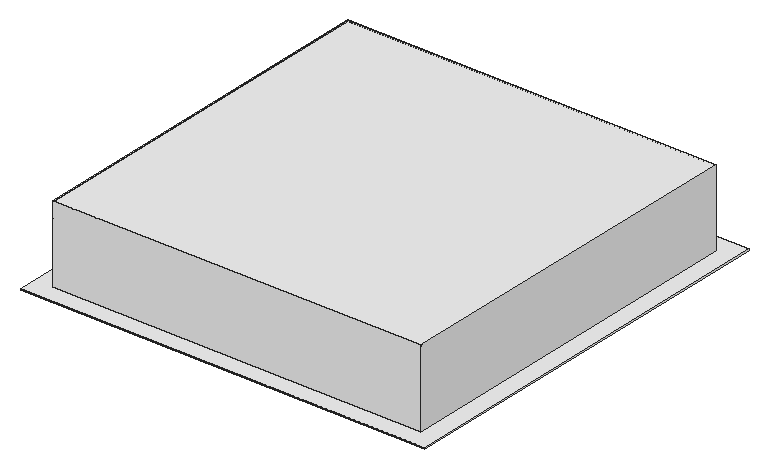
Revit family "Iluminação fluorescente - Quadrada", category Luminárias, Revit 2019
Family settings
  Hospedeiro = Forro
  Cota do conector redondo = Utilizar diâmetro
  Tipo de parte = Normal
  Número OmniClass = 23.80.70.11
  Título OmniClass = Luminaries for Internal Lighting
  Sempre na vertical = Sim
  Corte com vazios quando carregada = Sim
  Fonte luminosa = Sim
  Compartilhado = Não
  Ponto de cálculo do ambiente = Não
Parameters (values of type "618x618mm-16w")
  Largura = 618.00 mm
  Wattage = 50 W
  built-in parameter 1150110 = 1 (stored number, unit not read)
  built-in parameter 1114217 = 1 (stored number, unit not read)
  built-in parameter 1150109 = 1 (stored number, unit not read)
  built-in parameter 1150134 = (empty or 0)
  built-in parameter 1150113 = 1 (stored number, unit not read)
  Material da luminária = Metal - Alum
  Lumens = 4000 lm
  built-in parameter 1150115 = 1 (stored number, unit not read)
  built-in parameter 1150105 = 1273.2 (stored number, unit not read)
  Light Source Symbol Size = Largura - 50.00 mm  # 568.00 mm
  built-in parameter 1150137 = (empty or 0)
  built-in parameter 1150139 = (empty or 0)
  Comprimento = 618.00 mm
  built-in parameter 1150112 = 1 (stored number, unit not read)
  built-in parameter 1150114 = 1 (stored number, unit not read)
  built-in parameter 1150132 = (empty or 0)
  built-in parameter 1150102 = (empty or 0)
  built-in parameter 1150138 = (empty or 0)
  built-in parameter 1150107 = 3000 (stored number, unit not read)
  built-in parameter 1150106 = 12.732 (stored number, unit not read)
  Altura = 130.00 mm
  Largura da estrutura = 30.00 mm
  Visibilidade da moldura = yes
  Espessura da moldura = 2.00 mm
  Emit from Rectangle Width = Largura - 50.00 mm  # 568.00 mm
  Emit from Rectangle Length = Comprimento - 50.00 mm  # 568.00 mm
  Emit Shape Visible in Rendering = no
  built-in parameter 1150104 = 7.4322 (stored number, unit not read)
  Dimming Lamp Color Temperature Shift = (empty or 0)
  Color Filter = 16777215
  built-in parameter 1114218 = 1 (stored number, unit not read)
  built-in parameter 1150133 = 10 (stored number, unit not read)
Reference planes
  plane 1 "Eixo de origem da luz (F/T)": y = 0
  plane 2 "Forro": z = 2438.4
  plane 3 "Eixo de origem da luz (E/D)": x = 0
  plane 4 "Elevação da origem da luz": z = 2503.4
  plane 5: y = 309
  plane 6: y = -309
  plane 7: x = -309
  plane 8: x = 309
  plane 9: x = -307
  plane 10: x = 307
  plane 11: y = 307
  plane 12: y = -307
  plane 13: z = 2568.4
  plane 14: z = 2436.4
  plane 15: z = 2441.4
  plane 16: z = 2541.4
  plane 17: x = -339
  plane 18: y = 339
  plane 19: x = 339
  plane 20: y = -339
Forms (mm)
  Extrusion 1, solid, material "Metal - Alum" <- "Material da luminária"
    sketch origin (0, 0, 2503.4) x (0, -1, 0) y (1, 0, 0)
      loop
        line (-309, -309) -> (309, -309) -> (309, 309) -> (-309, 309) -> (-309, -309)
    from 65 to 38
  Sweep 2, solid, material "Metal - Alum" <- "Material da luminária", visible <- "Visibilidade da moldura"
    path origin (0, 0, 2503.4) x (0, -1, 0) y (1, 0, 0)
      loop
        line (-309, -309) -> (309, -309) -> (309, 309) -> (-309, 309) -> (-309, -309)
    profile origin (0, 309, 2503.4) x (0, 1, 0) y (0, 0, 1)
      loop
        line (0, 65) -> (-2, 65) -> (-2, -67) -> (30, -67) -> (30, -65) -> (0, -65) -> (0, 65)
Lines and regions (mm)
  Opening 1
    outline origin (0, 0, 2438.4) x (1, 0, 0) y (0, 1, 0)
      loop
        line (-309, 309) -> (-309, -309) -> (309, -309) -> (309, 309) -> (-309, 309)
Dimensions and locks
  equal spacing: host sketch curve, plane 3 "Eixo de origem da luz (E/D)", host sketch curve
  equal spacing: host sketch curve, plane 1 "Eixo de origem da luz (F/T)", host sketch curve
  host sketch curve to host sketch curve = 3048.00 mm  (x2)
  "Largura": plane 5 to plane 6
  equal spacing: plane 5, plane 1 "Eixo de origem da luz (F/T)", plane 6
  "Comprimento": plane 7 to plane 8
  equal spacing: plane 7, plane 3 "Eixo de origem da luz (E/D)", plane 8
  "Altura": plane 13 to plane 2 "Forro"
  equal spacing: plane 13, plane 4 "Elevação da origem da luz", plane 2 "Forro"
  locked: plane 15 to plane 2 "Forro" at 3
  "Largura da estrutura": plane 17 to plane 7
  "Largura da estrutura": plane 18 to plane 5
  "Largura da estrutura": plane 6 to plane 20
  "Largura da estrutura": plane 8 to plane 19
  locked: plane 5 to plane 11 at 2
  locked: plane 7 to plane 9 at 2
  locked: plane 10 to plane 8 at 2
  locked: plane 12 to plane 6 at 2
  "Espessura da moldura": plane 2 "Forro" to plane 14
  aligned and locked: plane 3 "Eixo de origem da luz (E/D)" to imposter light
  aligned and locked: plane 1 "Eixo de origem da luz (F/T)" to imposter light
  aligned and locked: plane 4 "Elevação da origem da luz" to imposter light
  aligned and locked: Extrusion 1 sketch curve to plane 5
  aligned and locked: plane 6 to Extrusion 1 sketch curve
  aligned and locked: plane 16 to Extrusion 1
  aligned and locked: plane 13 to Extrusion 1
  aligned and locked: Opening 1 sketch curve to Extrusion 1  (x4)
  aligned and locked: plane 5 to Sweep 2 sketch curve  (x2)
  aligned and locked: plane 8 to Sweep 2 sketch curve
  aligned and locked: plane 6 to Sweep 2 sketch curve
  aligned and locked: plane 7 to Sweep 2 sketch curve
  aligned and locked: plane 13 to Sweep 2 sketch curve
  aligned and locked: plane 11 to Sweep 2 sketch curve
  aligned and locked: plane 14 to Sweep 2 sketch curve
  aligned and locked: plane 2 "Forro" to Sweep 2 sketch curve
  aligned and locked: plane 18 to Sweep 2 sketch curve
Automatic sketch dimensions
  Extrusion 1 sketch curve to plane 7 = 0.00 mm
  Extrusion 1 sketch curve to plane 8 = 0.00 mm
